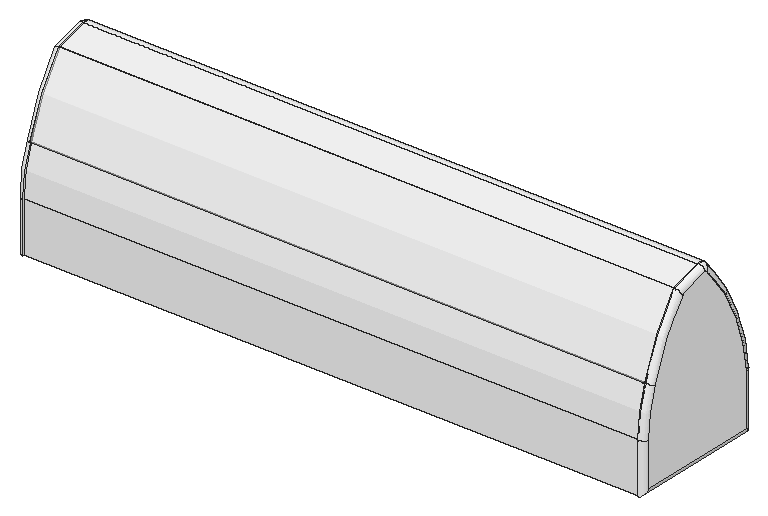
Revit family "EBL", category Lighting Fixtures, host Face, Revit 2014
Parameters (values of type "EBL2")
  Width = 5.89"
  Wattage Comments = "19W"
  Wattage = 19 W
  Warranty Notes = "https://hubbellcdn.com/warranty/Hubbell%20Lighting%20Indoor%20Limited%20Warranty%20-%2030%20Jan%202015.pdf"
  Warranty = "• 5 year warranty. Please consult\r\nfactory for details"
  built-in parameter 1150110 = 1 (stored number, unit not read)
  URL = "https://www.hubbell.com/hubbellhealthcaresolutions/en"
  Type Comments = "Light Fixture"  # constant formula
  built-in parameter 1114217 = 1 (stored number, unit not read)
  Tilt Angle = 60.00°
  built-in parameter 1150109 = 1 (stored number, unit not read)
  built-in parameter 1150134 = 3
  built-in parameter 1150113 = 1 (stored number, unit not read)
  Steel = Metal-Hubbell-Galvanized_Steel
  Radius = 3.35275"
  Product Page URL = "https://www.hubbell.com/hubbellhealthcaresolutions/en/Products/Lighting-Controls/Commercial-Indoor-Lighting/Wall-Mount/Evexia/p/2316303"
  Product Doucumentation Link = "https://hubbellcdn.com/specsheet/HHS0219_EVEXIA_SPEC.pdf"
  Photometric Web File = "EBL2-35-WH-120 Downlight Only.ies"
  Model = "Evexia"  # constant formula
  Manufacturer = "Healthcare Solutions A unit of Hubbell Lighting"  # constant formula
  built-in parameter 1150105 = -1519848 (stored number, unit not read)
  Lumens = 1919 lm
  built-in parameter 1150115 = 1 (stored number, unit not read)
  built-in parameter 1150137 = (empty or 0)
  built-in parameter 1150139 = (empty or 0)
  Length = 27.47"
  built-in parameter 1150112 = 1 (stored number, unit not read)
  built-in parameter 1150114 = 1 (stored number, unit not read)
  Lamp = "LED"  # constant formula
  Inner Width = 2.80"
  Inner Length = 1.80"
  built-in parameter 1150132 = (empty or 0)
  built-in parameter 1150102 = (empty or 0)
  built-in parameter 1150107 = 3200 (stored number, unit not read)
  built-in parameter 1150138 = (empty or 0)
  built-in parameter 1150106 = -15198.5 (stored number, unit not read)
  Emit from Rectangle Width = 5.00"  # constant formula
  Emit from Rectangle Length = Length  # 27.47"
  Emit Shape Visible in Rendering = no
  built-in parameter 1150104 = 9.3832 (stored number, unit not read)
  Dimming Lamp Color Temperature Shift = <None>
  Color Filter = 16777215
  Certification = "UL924 Damp Listed, NFPA 101 and NFPA 70"
  Glass = Glass - Hubbell - White
  Features = "Die-cast end-caps and extruded aluminum body provide durability.\r\nFour standard colors with anti-microbial compound additive that inhibits the growth of microbes.\r\nProvides ambient and reading illumination with optional night light.\r\nMultiple switching and control options."  # constant formula
  Description = "Evexia is designed to meet the ambient and reading lighting needs in patient rooms and assisted living facilities. The luminaire has a low profile that reduces the visual impact on the wall. The contoured shape, smooth surface and anti-microbial finish support infectious disease control efforts."  # constant formula
  Default Elevation = 48.00"
  Copyrights = "© Hubbell Lighting, Inc"
  Contact Us = "https://www.hubbell.com/hubbellhealthcaresolutions/en/contactUs"
  Body = Paint - Hubbell - Matte White
  built-in parameter 1114218 = 1 (stored number, unit not read)
  built-in parameter 1150133 = 10 (stored number, unit not read)
  Apparent Load = 19 VA
Types (4): name | Wattage Comments | Wattage | Photometric Web File | built-in parameter 1150105 | Lumens | Length | built-in parameter 1150106 | Emit from Rectangle Length | Apparent Load
  (no name) | "19W" | 19 W | "EBL2-35-WH-120 Downlight Only.ies" | -1519848 (stored number, unit not read) | 1919 lm | 27.47" | -15198.5 (stored number, unit not read) | 27.47" | 19 VA
  EBL2 | "19W" | 19 W | "EBL2-35-WH-120 Downlight Only.ies" | -1519848 (stored number, unit not read) | 1919 lm | 27.47" | -15198.5 (stored number, unit not read) | 27.47" | 19 VA
  EBL3 | "19W" | 31 W | "EBL3-35-WH-120 Downlight Only.ies" | 249.16 (stored number, unit not read) | 3131 lm | 38.50" | 2.4916 (stored number, unit not read) | 38.50" | 31 VA
  EBL4 | "37W" | 37 W | "EBL4-35-WH-120 Downlight Only.ies" | 297.38 (stored number, unit not read) | 3737 lm | 49.76" | 2.9738 (stored number, unit not read) | 49.76" | 37 VA
Reference planes (in)
  plane 1 "Center (Front/Back)": y = 0
  plane 2: z = 0
  plane 3 "Center (Left/Right)": x = 0
  plane 4: x = -13.735
  plane 5: x = 13.735
  plane 6: z = 7.91
  plane 7: y = 3
  plane 8: y = -3
Forms (in)
  Extrusion 1, solid, material "Paint - Hubbell - Matte White" <- "Body"
    sketch origin (0, 0, 0) x (0, 1, 0) y (0, 0, 1)
      loop
        line (3, 0) -> (3, 2.63335)
        arc (3, 2.63335) -> (2.5932, 4.54275) -> (1.77786, 6.3166) r 8.85442
        arc (1.77786, 6.3166) -> (1.26078, 7.08297) -> (0.66662, 7.79125) r 8.85442
        arc (0.66662, 7.79125) -> (0.5126, 7.84986) -> (0.34783, 7.84746) r 0.43838
        arc (0.34783, 7.84746) -> (-0.3357, 7.67915) -> (-1.00455, 7.45967) r 9.31037
        arc (-1.00455, 7.45967) -> (-1.95077, 5.97772) -> (-2.59352, 4.34115) r 9.07707
        arc (-2.59352, 4.34115) -> (-2.89744, 3.31515) -> (-3, 2.25) r 5.58226
        line (-3, 2.25) -> (-3, 0) -> (3, 0)
    from -13.735 to 13.735
  Extrusion 2, solid, material "Glass - Hubbell - White" <- "Glass"
    sketch origin (0, 0, 0) x (0, 1, 0) y (0, 0, 1)
      loop
        arc (-1.00455, 7.45967) -> (-1.01823, 7.48275) -> (-1.04389, 7.49054) r 0.03703
        arc (-1.04389, 7.49054) -> (-1.99532, 6.00042) -> (-2.64161, 4.35484) r 9.12707
        arc (-2.64161, 4.35484) -> (-2.61948, 4.34126) -> (-2.59352, 4.34115) r 0.04815
        arc (-2.59352, 4.34115) -> (-1.95077, 5.97772) -> (-1.00455, 7.45967) r 9.07707
    from -13.735 to 13.735
Dimensions and locks (in)
  plane 6 to level = 7.91"
  "Length": plane 4 to plane 5
  equal spacing: plane 4, plane 3 "Center (Left/Right)", plane 5
  aligned and locked: plane 2 to host face
  aligned and locked: level to host face
  aligned and locked: plane 1 "Center (Front/Back)" to nested 1
  aligned and locked: plane 4 to nested 1
  aligned and locked: plane 5 to nested 2
  aligned and locked: plane 5 to Extrusion 1
  aligned and locked: Extrusion 1 to plane 4
  aligned and locked: Extrusion 2 to plane 4
  aligned and locked: plane 5 to Extrusion 2
Automatic sketch dimensions
  host sketch curve to host sketch curve = 96.00"  (x2)
  Extrusion 1 sketch curve to Extrusion 1 sketch curve = 0.00"  (x3)
  Extrusion 1 sketch curve to plane 8 = 0.00"
  Extrusion 1 sketch curve to plane 7 = 0.00"
  Extrusion 1 sketch curve to level = 0.00"
  level to Extrusion 1 sketch curve = 1.75425"
  plane 8 to Extrusion 1 sketch curve = 2.81067"
  Extrusion 1 sketch curve to plane 1 "Center (Front/Back)" = 0.43648"
  plane 7 to Extrusion 1 sketch curve = 0.76941"
  plane 7 to Extrusion 1 sketch curve = 0.41774"
  level to Extrusion 1 sketch curve = 1.85682"
  Extrusion 1 sketch curve to plane 7 = 3.13696"
  Extrusion 1 sketch curve to level = 1.27055"
  Extrusion 1 sketch curve to Extrusion 1 sketch curve = 2.25"
  Extrusion 1 sketch curve to Extrusion 1 sketch curve = 0.38335"
  Extrusion 1 sketch curve to plane 6 = 0.49186"
  Extrusion 1 sketch curve to plane 8 = 0.40648"
  Extrusion 1 sketch curve to plane 6 = 0.45033"
  plane 7 to Extrusion 1 sketch curve = 1.22214"
  Extrusion 2 sketch curve to Extrusion 2 sketch curve = 0.00"  (x2)
  Extrusion 2 sketch curve to plane 8 = 0.3937"
  Extrusion 2 sketch curve to plane 6 = 0.45639"
  plane 1 "Center (Front/Back)" to Extrusion 2 sketch curve = 1.04109"
  level to Extrusion 2 sketch curve = 1.85682"
  Extrusion 2 sketch curve to plane 7 = 3.13696"
  Extrusion 2 sketch curve to Extrusion 2 sketch curve = 3.06604"
  Extrusion 2 sketch curve to Extrusion 2 sketch curve = 0.03531"
  Extrusion 2 sketch curve to Extrusion 2 sketch curve = 0.01278"
  Extrusion 2 sketch curve to Extrusion 2 sketch curve = 0.00281"
  Extrusion 2 sketch curve to Extrusion 2 sketch curve = 0.03653"
Nested families (in)
  nested 1: "Family1" at (-0.72316, 0, 0), type "Family1"
  nested 2: "Family1" at (0.72316, 0, 0) x (-1, 0, 0) z (0, 0, 1), type "Family1"
Connectors (in)
  electrical at (-13.735, -0.08953, 4.29328), driven by "Apparent Load"
    settings: on Extrusion 1, index 1, voltage 120 V, apparent load 19 VA, apparent load phase1 0 VA, apparent load phase2 0 VA, apparent load phase3 0 VA, power factor 0.9, load classification "Other", number of poles 1, system type 30, power factor state 1, is connector primary yes, connector utility no, sub classification motor no, connector description "Lighting Connector"
Definition of nested family "Family1"
  Parameters (values of type "Family1")
    Body = Paint - Hubbell - Matte White
  Reference planes (in)
    plane 1 "Center (Front/Back)": y = 0
    plane 2: z = 0
    plane 3 "Center (Left/Right)": x = 0
  Forms (in)
    Sweep 1, solid, material "Paint - Hubbell - Matte White" <- "Body"
      path in 3D
        loop
          arc (-13.28822, 0.64388, 7.79125) -> (-13.28822, 0.48986, 7.84986) -> (-13.28822, 0.32509, 7.84746) r 0.43838
          arc (-13.28822, 0.32509, 7.84746) -> (-13.28822, -0.35844, 7.67915) -> (-13.28822, -1.0273, 7.45967) r 9.31037
          arc (-13.28822, -1.0273, 7.45967) -> (-13.28822, -1.97351, 5.97772) -> (-13.28822, -2.61626, 4.34115) r 9.07707
          arc (-13.28822, -2.61626, 4.34115) -> (-13.28822, -2.92018, 3.31515) -> (-13.28822, -3.02274, 2.25) r 5.58226
          line (-13.28822, -3.02274, 2.25) -> (-13.28822, -3.02274, 0) -> (-13.28822, 2.97726, 0) -> (-13.28822, 2.97726, 2.63335)
          arc (-13.28822, 2.97726, 2.63335) -> (-13.28822, 2.57046, 4.54275) -> (-13.28822, 1.75511, 6.3166) r 8.85442
          arc (-13.28822, 1.75511, 6.3166) -> (-13.28822, 1.23804, 7.08297) -> (-13.28822, 0.64388, 7.79125) r 8.85442
      profile origin (-13.28822, 1.23804, 7.08297) x (0, 0.798636, 0.601815) y (-1, 0, 0)
        loop
          line (-0.27638, 0) -> (-0.27638, -0.27638) -> (0, -0.27638)
          arc (0, -0.27638) -> (-0.08095, -0.08095) -> (-0.27638, 0) r 0.27638
    Extrusion 2, solid, material "Paint - Hubbell - Matte White" <- "Body"
      sketch origin (1.71178, -0.02721, 0) x (0, 1, 0) y (0, 0, 1)
        loop
          arc (2.72809, 2.61949) -> (2.3332, 4.46219) -> (1.54546, 6.17419) r 8.57804
          arc (1.54546, 6.17419) -> (1.06743, 6.88611) -> (0.52071, 7.54674) r 8.57804
          arc (0.52071, 7.54674) -> (0.47482, 7.57626) -> (0.42033, 7.57929) r 0.10697
          arc (0.42033, 7.57929) -> (-0.21148, 7.42585) -> (-0.83061, 7.22737) r 9.03399
          arc (-0.83061, 7.22737) -> (-1.72104, 5.81076) -> (-2.32727, 4.25123) r 8.80069
          arc (-2.32727, 4.25123) -> (-2.62026, 3.26962) -> (-2.71915, 2.25) r 5.30588
          line (-2.71915, 2.25) -> (-2.71915, 0.27638) -> (2.72809, 0.27638) -> (2.72809, 2.61949)
      from -15 to -14.72362
  Lines and regions (in)
    sketch lines
      curve 1: arc (-13.28822, 1.75511, 6.3166) -> (-13.28822, 1.23804, 7.08297) -> (-13.28822, 0.64388, 7.79125) r 8.85442
      curve 2: arc (-13.28822, 2.97726, 2.63335) -> (-13.28822, 2.57046, 4.54275) -> (-13.28822, 1.75511, 6.3166) r 8.85442
      curve 3: line (-13.28822, 2.97726, 2.63335) -> (-13.28822, 2.97726, 0)
      curve 4: line (-13.28822, 2.97726, 0) -> (-13.28822, -3.02274, 0)
      curve 5: line (-13.28822, -3.02274, 0) -> (-13.28822, -3.02274, 2.25)
      curve 6: arc (-13.28822, -2.61626, 4.34115) -> (-13.28822, -2.92018, 3.31515) -> (-13.28822, -3.02274, 2.25) r 5.58226
      curve 7: arc (-13.28822, 0.32509, 7.84746) -> (-13.28822, -0.35844, 7.67915) -> (-13.28822, -1.0273, 7.45967) r 9.31037
      curve 8: arc (-13.28822, 0.64388, 7.79125) -> (-13.28822, 0.48986, 7.84986) -> (-13.28822, 0.32509, 7.84746) r 0.43838
      curve 9: arc (-13.28822, -1.0273, 7.45967) -> (-13.28822, -1.97351, 5.97772) -> (-13.28822, -2.61626, 4.34115) r 9.07707
  Dimensions and locks (in)
    aligned and locked: level to plane 2
    aligned and locked: Sweep 1 to Extrusion 2  (x2)
